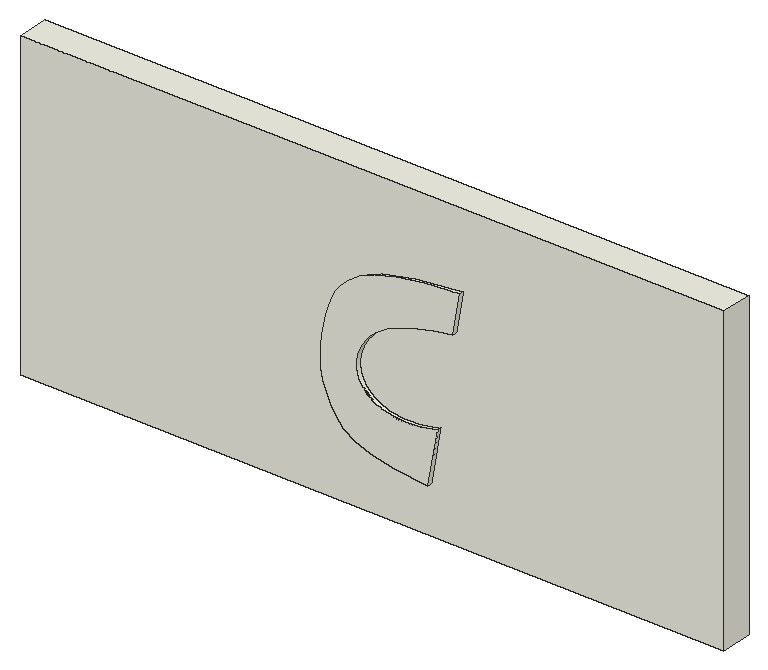
Revit family "FAMILIA LLAVE JARDIN", category Pipe Accessories, Revit 2020
Family settings
  Round Connector Dimension = Use Diameter
  Part Type = Attaches To
  Work Plane-Based = No
  Always vertical = Yes
  Cut with Voids When Loaded = No
  Shared = No
Parameters
  URL = "https://pcpplasticos.co/tienda/llave-jardin-aplicaciones-tipo-liviana-12/"
  SKU = "1022"
  Model = "1022"
  Manufacturer = "PCP PLASTICOS"
  Imagen = "https://pcpplasticos.co/wp-content/uploads/2018/01/LLAVE-JARDIN-LIVIANA-1.Final-Color-Output-1-e1531853977761.png"
  Email = "servicioalcliente@PCPplasticos.com"
  Description = "LLAVE JARDÍN TIPO LIVIANA EN PVC RESISTENTE A LOS IMPACTOS"
  Default Elevation = 0 mm
Reference planes
  plane 1 "Center (Front/Back)": y = 0
  plane 2: z = 0
  plane 3 "Center (Left/Right)": x = 0
Forms (mm)
  Extrusion 1, solid, material "Polyvinyl Chloride, Rigid"
    sketch origin (0, 0, 0) x (1, 0, 0) y (0, 0, 1)
      loop
        line (-6.5, 4) -> (-25, 4) -> (-25, -4) -> (-6.5, -4) -> (-6.5, 4)
    from 14.8 to 15.619
  Extrusion 2, solid, material "Polyvinyl Chloride, Rigid"
    sketch origin (0, 0, 0) x (1, 0, 0) y (0, 0, 1)
      loop
        line (-13.532, 1.022) -> (-13.353, 2.054)
        spline (-13.353, 2.054) -> (-15.042, 1.844) -> (-15.977, 1.539) -> (-16.46, 1.171) -> (-16.728, 0.761) -> (-16.883, 0.307) -> (-16.988, -0.194) -> (-17.024, -0.721) -> (-16.95, -1.249) -> (-16.745, -1.751) -> (-16.395, -2.197) -> (-15.686, -2.553) -> (-14.192, -2.774)
        line (-14.192, -2.774) -> (-13.948, -1.37)
        spline (-13.948, -1.37) -> (-14.807, -1.485) -> (-15.392, -1.398) -> (-15.763, -1.19) -> (-15.976, -0.931) -> (-16.06, -0.647) -> (-16.035, -0.353) -> (-15.919, -0.064) -> (-15.72, 0.208) -> (-15.443, 0.446) -> (-15.062, 0.648) -> (-14.466, 0.831) -> (-13.532, 1.022)
    from 13.545 to 15.719
Dimensions and locks
  aligned and locked: level to plane 2
Connectors
  piping at (-56.5, -8.26, 0), diameter 12.7
    settings: on import instance, index 1, connector inside diameter 609.6 mm, connector length 0 mm, flow factor 0, pipe flow 0.0 L/s, pressure drop 0.0 Pa, fitting loss kfactor 0, connector angle 0.00°, fixture units 0, engagement length 0 mm, angle of deflection 0.00°, flow configuration 0, flow direction 0, fitting loss method 0, system type 7, joint type 0, gender type 0, connector reference index -1, connector utility 0, adjustable connector no, is connector primary yes, connector description ""
